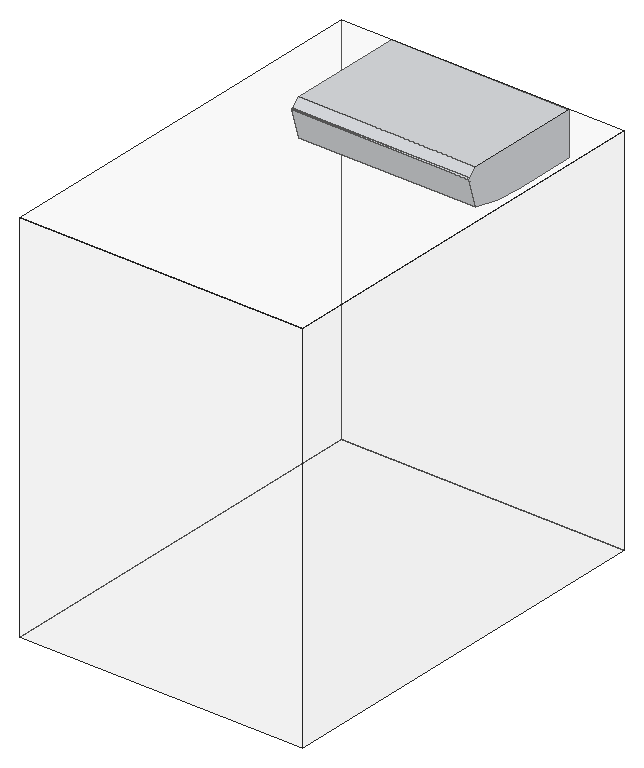
Revit family "pc-rp40_160kal17_60Hz", category 機械設備, Revit 2019
Family settings
  丸型コネクタ寸法 = 直径を使用
  パーツ タイプ = 標準
  OmniClass 番号 = 23.75.10.24.21.27.27
  OmniClass タイトル = Split System Air Conditioning Units
  作業面ベース = いいえ
  常に垂直 = はい
  ロード時にボイドで切り取り = いいえ
  共有 = いいえ
  部屋計算ポイント = はい
Parameters (values of type "天吊_PC-RP40KA17")
  風量（弱）（m3／min） = 9
  風量（中2）（m3／min） = 10
  風量（中1）（m3／min） = 11
  風量（m3／min） = 13
  風量 = MAX風量  # 780.0 m³/h
  音響パワーレベル（弱）(dB) = 48
  音響パワーレベル（中2）(dB) = 50
  音響パワーレベル（中1）(dB) = 53
  音響パワーレベル(dB) = 55
  電源種別 = ""
  電源_H = 0 mm
  電圧_電気ヒーター = 0 V
  電圧 = 200 V
  電動機出力_送風機 = 0.09 kW
  運転質量 = 0.00 kg
  連動 = ""
  質量 = if(製品質量 > 運転質量, 製品質量, 運転質量) * 1.2  # 28.80 kg
  負荷分類 = 3_ファン類
  説明 = "店舗・事務所用パッケージエアコン(Mr.SLIM) [本体] 天吊形室内機"
  設計暖房能力 = 0.00 kW
  設計冷房能力_顕熱 = 0 kW
  設計冷房能力 = 0 kW
  設置方法 = "天井吊形"
  記号 = ""
  製造元 = "三菱電機株式会社"
  製品質量 = 24.00 kg
  製品出荷対象 = "国内"
  製品リリース年月 = "2021年6月30日"
  製品グループ = ""
  背面_液管接続口 = 184 mm
  背面_ドレン管接続口 = 233 mm
  背面_ガス管接続口 = 203 mm
  系統 = ""
  符号 = "ACP-CR"
  積算_科目 = "1 空気調和設備"
  積算_拾い区分 [instance] = ""
  相 = 1
  盤記号 = ""
  発停方法 = "付属スイッチ"
  特殊仕様 = ""
  点検口離隔 [instance] = if(点検口離隔入力値 > 200 mm, 200 mm, if(点検口離隔入力値 < 150 mm, 150 mm, 点検口離隔入力値))  # 150 mm
  点検口離隔入力値 [instance] = 0 mm
  点検口設置範囲 = 0 mm
  点検口 = yes
  火災停止 = ""
  消費電力_電気ヒーター = 0.00 kW
  消費電力_暖房 = 0.00 kW
  消費電力_加湿器 = 0.00 kW
  消費電力_冷房 = 0.05 kW
  消費電力 = if(消費電力_冷房 > 消費電力_暖房, 消費電力_冷房, 消費電力_暖房) + 消費電力_加湿器 + 消費電力_電気ヒーター  # 0.05 kW
  法定耐用年数 = "6"
  極数 = 1
  材質 = ""
  本体マテリアル = none
  有効加湿量 = 0
  暖房能力 = 0.00 kW
  推奨ブレーカー容量 = 0 A
  形式_加湿器 = ""
  形式 = "天井吊（露出）形"
  幹線記号 = ""
  始動方式 = "直入"
  呼称 = "室内機_天井吊(露出)形"
  周波数 = 60 Hz
  吊り位置Y = 320 mm
  吊り位置X = 917 mm
  吊りボルト_H = 50 mm
  台数_手元リモコン = ""
  台数_冷媒分岐ユニット = ""
  参照している仕様書等のバージョン = "公共建築物標準仕様書（機械設備工事編）平成31年度版"
  加湿給水管径 = 0 mm
  分類コード = "50053003221080"
  分類グループ = ""
  冷房能力 = 3.6 kW
  冷媒高低圧ガス管径 = 0 mm
  冷媒管径符号 = "Ac"
  冷媒管径 = 100 mm
  冷媒液管高さ = 126 mm
  冷媒液管径 = 6.35 mm
  冷媒ガス管高さ = 126 mm
  冷媒ガス管径 = 12.7 mm
  価格 = 247000
  企業コード = "108420"
  付属品_フィルター = ""
  付属品 = ""
  仕様書バージョン = "Version1.0"
  モデル = "PC-RP40KA17"
  パネルマテリアル = none
  ドレン管高さ = 190 mm
  ドレン管径 (外径) = 26 mm
  ドレン管径 = 20 mm
  サービススペース = yes
  コメント [instance] = ""
  ケーブル種類1 = ""
  ケーブルサイズ1 = 0 mm
  Width = 960 mm
  Version = ""
  Uniclass2015Version = "Systems v1.9"
  Uniclass2015Title = "Split coil remote air cooled condensing units"
  Uniclass2015Code = "Pr_70_65_03_84"
  URL = "https://www.mitsubishielectric.co.jp/ldg/wink/ssl/displayProduct.do?pid=311504"
  SpecificationReference = ""
  SpecificationDescription = ""
  Revision = ""
  ProductInformation = ""
  OmniClassCode = "23-33 17 13 11"
  MIN風量 = 風量（弱）（m3／min） * 60.0 m³/h  # 540.0 m³/h
  MID風量2 = 風量（中2）（m3／min） * 60.0 m³/h  # 600.0 m³/h
  MID風量 = 風量（中1）（m3／min） * 60.0 m³/h  # 660.0 m³/h
  MAX風量 = 風量（m3／min） * 60.0 m³/h  # 780.0 m³/h
  IfcTypeProduct = ""
  IfcProduct = ""
  IfcExportType = "AIRCONDITIONINGUNIT"
  IfcExportAs = "IfcUnitaryEquipmentType"
  Height_本体 = 230 mm
  Height = Height_本体 + 6 mm  # 236 mm
  Depth = 680 mm
  Clearance Top = 1 mm
  Clearance Right = 300 mm
  Clearance Left = 270 mm
  Clearance Front = 1500 mm
  Clearance Bottom = 1800 mm
  Clearance Back = 0 mm
  Author = "三菱電機株式会社"
Types (21, lengths in mm): name | 風量（弱）（m3／min） | 風量（中2）（m3／min） | 風量（中1）（m3／min） | 風量（m3／min） | 風量 | 音響パワーレベル（弱）(dB) | 音響パワーレベル（中2）(dB) | 音響パワーレベル（中1）(dB) | 音響パワーレベル(dB) | 電動機出力_送風機 | 質量 | 製品質量 | 背面_液管接続口 | 背面_ガス管接続口 | 消費電力_暖房 | 消費電力_冷房 | 消費電力 | 暖房能力 | 吊り位置X | 冷房能力 | 冷媒管径符号 | 冷媒液管径 | 冷媒ガス管径 | 価格 | モデル | Width | URL | MIN風量 | MID風量2 | MID風量 | MAX風量
  (no name) | 9 | 10 | 11 | 13 | 780.0 m³/h | 48 | 50 | 53 | 55 | 0.09 kW | 28.80 kg | 24.00 kg | 184 | 203 | 0.00 kW | 0.05 kW | 0.05 kW | 0.00 kW | 917 | 3.6 kW | "Ac" | 6.35 | 12.7 | 247000 | "PC-RP40KA17" | 960 | "https://www.mitsubishielectric.co.jp/ldg/wink/ssl/displayProduct.do?pid=311504" | 540.0 m³/h | 600.0 m³/h | 660.0 m³/h | 780.0 m³/h
  天吊_PC-RP45KAL17 | 9 | 10 | 11 | 13 | 780.0 m³/h | 48 | 50 | 53 | 55 | 0.09 kW | 28.80 kg | 24.00 kg | 184 | 203 | 0.04 kW | 0.05 kW | 0.05 kW | 4.50 kW | 917 | 4 kW | "Ac" | 6.35 | 12.7 | 267000 | "PC-RP45KAL17" | 960 | "https://www.mitsubishielectric.co.jp/ldg/wink/ssl/displayProduct.do?pid=311472" | 540.0 m³/h | 600.0 m³/h | 660.0 m³/h | 780.0 m³/h
  天吊_PC-RP56KAL17 | 10 | 11 | 12 | 13 | 780.0 m³/h | 48 | 50 | 53 | 55 | 0.09 kW | 30.00 kg | 25.00 kg | 184 | 203 | 0.05 kW | 0.06 kW | 0.06 kW | 5.60 kW | 917 | 5 kW | "Ac" | 6.35 | 12.7 | 286000 | "PC-RP56KAL17" | 960 | "https://www.mitsubishielectric.co.jp/ldg/wink/ssl/displayProduct.do?pid=311474" | 600.0 m³/h | 660.0 m³/h | 720.0 m³/h | 780.0 m³/h
  天吊_PC-RP71KAL17 | 13 | 16 | 18 | 20 | 1200.0 m³/h | 50 | 53 | 55 | 57 | 0.095 kW | 38.40 kg | 32.00 kg | 180 | 200 | 0.09 kW | 0.10 kW | 0.10 kW | 7.00 kW | 1237 | 6.3 kW | "Bd" | 9.5 | 15.9 | 295000 | "PC-RP71KAL17" | 1280 | "https://www.mitsubishielectric.co.jp/ldg/wink/ssl/displayProduct.do?pid=311476" | 780.0 m³/h | 960.0 m³/h | 1080.0 m³/h | 1200.0 m³/h
  天吊_PC-RP80KAL17 | 13 | 16 | 18 | 20 | 1200.0 m³/h | 50 | 53 | 55 | 57 | 0.095 kW | 38.40 kg | 32.00 kg | 180 | 200 | 0.09 kW | 0.10 kW | 0.10 kW | 8.00 kW | 1237 | 7.1 kW | "Bd" | 9.5 | 15.9 | 310000 | "PC-RP80KAL17" | 1280 | "https://www.mitsubishielectric.co.jp/ldg/wink/ssl/displayProduct.do?pid=311477" | 780.0 m³/h | 960.0 m³/h | 1080.0 m³/h | 1200.0 m³/h
  天吊_PC-RP112KAL17 | 20 | 22 | 26 | 29 | 1740.0 m³/h | 54 | 56 | 59 | 62 | 0.16 kW | 45.60 kg | 38.00 kg | 180 | 200 | 0.11 kW | 0.12 kW | 0.12 kW | 11.20 kW | 1557 | 10 kW | "Bd" | 9.5 | 15.9 | 342000 | "PC-RP112KAL17" | 1600 | "https://www.mitsubishielectric.co.jp/ldg/wink/ssl/displayProduct.do?pid=311478" | 1200.0 m³/h | 1320.0 m³/h | 1560.0 m³/h | 1740.0 m³/h
  天吊_PC-RP140KAL17 | 21 | 24 | 27 | 31 | 1860.0 m³/h | 56 | 58 | 61 | 63 | 0.16 kW | 45.60 kg | 38.00 kg | 180 | 200 | 0.13 kW | 0.14 kW | 0.14 kW | 14.00 kW | 1557 | 12.5 kW | "Bd" | 9.5 | 15.9 | 390000 | "PC-RP140KAL17" | 1600 | "https://www.mitsubishielectric.co.jp/ldg/wink/ssl/displayProduct.do?pid=311479" | 1260.0 m³/h | 1440.0 m³/h | 1620.0 m³/h | 1860.0 m³/h
  天吊_PC-RP160KAL17 | 22 | 25 | 28 | 33 | 1980.0 m³/h | 58 | 60 | 62 | 65 | 0.16 kW | 45.60 kg | 38.00 kg | 180 | 200 | 0.16 kW | 0.17 kW | 0.17 kW | 16.00 kW | 1557 | 14 kW | "Bd" | 9.5 | 15.9 | 399000 | "PC-RP160KAL17" | 1600 | "https://www.mitsubishielectric.co.jp/ldg/wink/ssl/displayProduct.do?pid=311480" | 1320.0 m³/h | 1500.0 m³/h | 1680.0 m³/h | 1980.0 m³/h
  天吊_PC-RP63KAL17 | 12 | 14 | 15 | 17 | 1020.0 m³/h | 49 | 51 | 53 | 55 | 0.095 kW | 38.40 kg | 32.00 kg | 184 | 203 | 0.06 kW | 0.07 kW | 0.07 kW | 6.30 kW | 1237 | 5.6 kW | "Ac" | 6.4 | 12.7 | 294000 | "PC-RP63KAL17" | 1280 | "https://www.mitsubishielectric.co.jp/ldg/wink/ssl/displayProduct.do?pid=311475" | 720.0 m³/h | 840.0 m³/h | 900.0 m³/h | 1020.0 m³/h
  天吊_PC-RP40KAL17 | 9 | 10 | 11 | 13 | 780.0 m³/h | 48 | 50 | 53 | 55 | 0.09 kW | 28.80 kg | 24.00 kg | 184 | 203 | 0.04 kW | 0.05 kW | 0.05 kW | 4.00 kW | 917 | 3.6 kW | "Ac" | 6.35 | 12.7 | 258000 | "PC-RP40KAL17" | 960 | "https://www.mitsubishielectric.co.jp/ldg/wink/ssl/displayProduct.do?pid=311471" | 540.0 m³/h | 600.0 m³/h | 660.0 m³/h | 780.0 m³/h
  天吊_PC-RP50KAL17 | 10 | 11 | 12 | 13 | 780.0 m³/h | 48 | 50 | 53 | 55 | 0.09 kW | 30.00 kg | 25.00 kg | 184 | 203 | 0.05 kW | 0.06 kW | 0.06 kW | 5.00 kW | 917 | 4.5 kW | "Ac" | 6.35 | 12.7 | 274000 | "PC-RP50KAL17" | 960 | "https://www.mitsubishielectric.co.jp/ldg/wink/ssl/displayProduct.do?pid=311473" | 600.0 m³/h | 660.0 m³/h | 720.0 m³/h | 780.0 m³/h
  天吊_PC-RP112KA17 | 20 | 22 | 26 | 29 | 1740.0 m³/h | 54 | 56 | 59 | 62 | 0.16 kW | 45.60 kg | 38.00 kg | 180 | 200 | 0.00 kW | 0.12 kW | 0.12 kW | 0.00 kW | 1557 | 10 kW | "Bd" | 9.5 | 15.9 | 331000 | "PC-RP112KA17" | 1600 | "https://www.mitsubishielectric.co.jp/ldg/wink/ssl/displayProduct.do?pid=311468" | 1200.0 m³/h | 1320.0 m³/h | 1560.0 m³/h | 1740.0 m³/h
  天吊_PC-RP140KA17 | 21 | 24 | 27 | 31 | 1860.0 m³/h | 56 | 58 | 61 | 63 | 0.16 kW | 45.60 kg | 38.00 kg | 180 | 200 | 0.00 kW | 0.14 kW | 0.14 kW | 0.00 kW | 1557 | 12.5 kW | "Bd" | 9.5 | 15.9 | 379000 | "PC-RP140KA17" | 1600 | "https://www.mitsubishielectric.co.jp/ldg/wink/ssl/displayProduct.do?pid=311469" | 1260.0 m³/h | 1440.0 m³/h | 1620.0 m³/h | 1860.0 m³/h
  天吊_PC-RP160KA17 | 22 | 25 | 28 | 33 | 1980.0 m³/h | 58 | 60 | 62 | 65 | 0.16 kW | 45.60 kg | 38.00 kg | 180 | 200 | 0.00 kW | 0.17 kW | 0.17 kW | 0.00 kW | 1557 | 14 kW | "Bd" | 9.5 | 15.9 | 388000 | "PC-RP160KA17" | 1600 | "https://www.mitsubishielectric.co.jp/ldg/wink/ssl/displayProduct.do?pid=311470" | 1320.0 m³/h | 1500.0 m³/h | 1680.0 m³/h | 1980.0 m³/h
  天吊_PC-RP40KA17 | 9 | 10 | 11 | 13 | 780.0 m³/h | 48 | 50 | 53 | 55 | 0.09 kW | 28.80 kg | 24.00 kg | 184 | 203 | 0.00 kW | 0.05 kW | 0.05 kW | 0.00 kW | 917 | 3.6 kW | "Ac" | 6.35 | 12.7 | 247000 | "PC-RP40KA17" | 960 | "https://www.mitsubishielectric.co.jp/ldg/wink/ssl/displayProduct.do?pid=311504" | 540.0 m³/h | 600.0 m³/h | 660.0 m³/h | 780.0 m³/h
  天吊_PC-RP45KA17 | 9 | 10 | 11 | 13 | 780.0 m³/h | 48 | 50 | 53 | 55 | 0.09 kW | 28.80 kg | 24.00 kg | 184 | 203 | 0.00 kW | 0.05 kW | 0.05 kW | 0.00 kW | 917 | 4 kW | "Ac" | 6.35 | 12.7 | 256000 | "PC-RP45KA17" | 960 | "https://www.mitsubishielectric.co.jp/ldg/wink/ssl/displayProduct.do?pid=311505" | 540.0 m³/h | 600.0 m³/h | 660.0 m³/h | 780.0 m³/h
  天吊_PC-RP50KA17 | 10 | 11 | 12 | 13 | 780.0 m³/h | 48 | 50 | 53 | 55 | 0.09 kW | 30.00 kg | 25.00 kg | 184 | 203 | 0.00 kW | 0.06 kW | 0.06 kW | 0.00 kW | 917 | 4.5 kW | "Ac" | 6.35 | 12.7 | 263000 | "PC-RP50KA17" | 960 | "https://www.mitsubishielectric.co.jp/ldg/wink/ssl/displayProduct.do?pid=311506" | 600.0 m³/h | 660.0 m³/h | 720.0 m³/h | 780.0 m³/h
  天吊_PC-RP56KA17 | 10 | 11 | 12 | 13 | 780.0 m³/h | 48 | 50 | 53 | 55 | 0.09 kW | 30.00 kg | 25.00 kg | 184 | 203 | 0.00 kW | 0.06 kW | 0.06 kW | 0.00 kW | 917 | 5 kW | "Ac" | 6.35 | 12.7 | 275000 | "PC-RP56KA17" | 960 | "https://www.mitsubishielectric.co.jp/ldg/wink/ssl/displayProduct.do?pid=311507" | 600.0 m³/h | 660.0 m³/h | 720.0 m³/h | 780.0 m³/h
  天吊_PC-RP63KA17 | 12 | 14 | 15 | 17 | 1020.0 m³/h | 49 | 51 | 53 | 55 | 0.095 kW | 38.40 kg | 32.00 kg | 184 | 203 | 0.00 kW | 0.07 kW | 0.07 kW | 0.00 kW | 1237 | 5.6 kW | "Ac" | 6.4 | 12.7 | 283000 | "PC-RP63KA17" | 1280 | "https://www.mitsubishielectric.co.jp/ldg/wink/ssl/displayProduct.do?pid=311380" | 720.0 m³/h | 840.0 m³/h | 900.0 m³/h | 1020.0 m³/h
  天吊_PC-RP71KA17 | 13 | 16 | 18 | 20 | 1200.0 m³/h | 50 | 53 | 55 | 57 | 0.095 kW | 38.40 kg | 32.00 kg | 180 | 200 | 0.00 kW | 0.10 kW | 0.10 kW | 0.00 kW | 1237 | 6.3 kW | "Bd" | 9.5 | 15.9 | 284000 | "PC-RP71KA17" | 1280 | "https://www.mitsubishielectric.co.jp/ldg/wink/ssl/displayProduct.do?pid=311466" | 780.0 m³/h | 960.0 m³/h | 1080.0 m³/h | 1200.0 m³/h
  天吊_PC-RP80KA17 | 13 | 16 | 18 | 20 | 1200.0 m³/h | 50 | 53 | 55 | 57 | 0.095 kW | 38.40 kg | 32.00 kg | 180 | 200 | 0.00 kW | 0.10 kW | 0.10 kW | 0.00 kW | 1237 | 7.1 kW | "Bd" | 9.5 | 15.9 | 299000 | "PC-RP80KA17" | 1280 | "https://www.mitsubishielectric.co.jp/ldg/wink/ssl/displayProduct.do?pid=311467" | 780.0 m³/h | 960.0 m³/h | 1080.0 m³/h | 1200.0 m³/h
Reference planes
  plane 1 "中心(正面/背面)": y = 0
  plane 2: z = 0
  plane 3 "中心(左/右)": x = 0
  plane 4: z = 236
  plane 5: y = 260
  plane 6: y = -60
  plane 7: y = 340
  plane 8: y = -340
  plane 9: x = -480
  plane 10: x = 480
  plane 11: x = -750
  plane 12: x = 780
  plane 13 "back": y = 340
  plane 14: y = -1840
  plane 15: z = 237
  plane 16: z = -1800
  plane 17: x = 394
  plane 18: x = 309
  plane 19: z = 110
  plane 20 "液管": y = 156
  plane 21: y = 340
  plane 22 "ガス管": y = 137
  plane 23 "ドレン管": y = 107
  plane 24: x = 342
  plane 25: z = 46
  plane 26: x = -405
  plane 27: x = 351.5
Forms (mm)
  Extrusion 1, solid, detail levels fine
    sketch origin (0, 156, 0) x (0, 0, -1) y (1, 0, 0)
      loop
        circle (-110, 309) r 3.175
    from 0 to 100
  Extrusion 2, solid, detail levels fine
    sketch origin (0, 137, 0) x (0, 0, -1) y (1, 0, 0)
      loop
        circle (-110, 394) r 6.35
    from 0 to 100
  Extrusion 3, solid, detail levels fine
    sketch origin (0, 107, 0) x (0, 0, -1) y (1, 0, 0)
      loop
        circle (-46, 342) r 13
    from 0 to 100
  Extrusion 4, solid, detail levels fine
    sketch origin (0, 107, 0) x (0, 0, -1) y (1, 0, 0)
      loop
        circle (-46, -405) r 13
    from 0 to 100
  Extrusion 5, solid, detail levels fine
    sketch origin (0, 137, 0) x (0, 0, -1) y (1, 0, 0)
      loop
        circle (-110, 351.5) r 50
    from 0 to 120
Dimensions and locks
  "吊り位置Y": plane 6 to plane 5
  equal spacing: plane 8, plane 1 "中心(正面/背面)", plane 7
  "Depth": plane 8 to plane 7
  equal spacing: plane 9, plane 3 "中心(左/右)", plane 10
  "Width": plane 9 to plane 10
  "Clearance Back": plane 7 to plane 13 "back"
  "Clearance Front": plane 14 to plane 8
  "Clearance Right": plane 10 to plane 12
  "Clearance Left": plane 11 to plane 9
  "Height": plane 4 to level
  locked: plane 5 to plane 7 at 80
  "Clearance Bottom": level to plane 16
  "Clearance Top": plane 15 to plane 4
  plane 10 to plane 9 = 960 mm
  "背面_液管接続口": plane 20 "液管" to plane 21
  "背面_ガス管接続口": plane 22 "ガス管" to plane 21
  "背面_ドレン管接続口": plane 23 "ドレン管" to plane 21
  "冷媒ガス管高さ": plane 4 to plane 19
  "ドレン管高さ": plane 4 to plane 25
  plane 17 to plane 27 to plane 18 = 42.5 mm, 42.5 mm
  locked: plane 10 to plane 17 at 86
  locked: plane 17 to plane 18 at 85
  locked: plane 10 to plane 24 at 138
  locked: plane 26 to plane 9 at 75
  diameter of Extrusion 2 = 12.7 mm
  diameter of Extrusion 1 = 6.35 mm
  "ドレン管径 (外径)": diameter of Extrusion 3
  "ドレン管径 (外径)": diameter of Extrusion 4
  aligned and locked: level to plane 2
  aligned and locked: nested 2 to plane 5
  aligned and locked: plane 6 to nested 2
  aligned and locked: nested 1 to plane 11
  aligned and locked: nested 1 to plane 12
  aligned and locked: plane 14 to nested 1
  aligned and locked: plane 13 "back" to nested 1
  aligned and locked: plane 15 to nested 1
  aligned and locked: plane 1 "中心(正面/背面)" to nested 3
  aligned and locked: plane 3 "中心(左/右)" to nested 3
  aligned and locked: plane 16 to nested 1
  aligned and locked: Extrusion 1 to plane 20 "液管"
  aligned and locked: Extrusion 2 to plane 22 "ガス管"
  aligned and locked: Extrusion 3 to plane 23 "ドレン管"
  aligned and locked: Extrusion 4 to plane 23 "ドレン管"
Automatic sketch dimensions
  Extrusion 1 sketch curve to plane 18 = 0 mm
  Extrusion 1 sketch curve to plane 19 = 0 mm
  Extrusion 2 sketch curve to plane 17 = 0 mm
  Extrusion 2 sketch curve to plane 19 = 0 mm
  Extrusion 3 sketch curve to plane 24 = 0 mm
  Extrusion 3 sketch curve to plane 25 = 0 mm
  Extrusion 4 sketch curve to plane 25 = 0 mm
  Extrusion 4 sketch curve to plane 26 = 0 mm
  Extrusion 5 sketch curve to plane 19 = 0 mm
  Extrusion 5 sketch curve to plane 27 = 0 mm
  radius of Extrusion 1 sketch curve = 3.175 mm
  radius of Extrusion 2 sketch curve = 6.35 mm
  radius of Extrusion 3 sketch curve = 13 mm
  radius of Extrusion 4 sketch curve = 13 mm
  radius of Extrusion 5 sketch curve = 50 mm
Nested families
  nested 1: "サービススペース" at (15, -750, -781.5), visible <- "サービススペース", type "サービススペース"
    with Width 1530 mm, Height 2037 mm, Depth 2180 mm
  nested 2: "固定点" at (-458.5, -60, 0), type "固定点"
    with W 917 mm, D 320 mm
  nested 3: "PCFY-P-KMG" at (0, 0, 0), type "PCFY-P-KMG", detail levels fine
Connectors
  electrical at (196, 339, 206), driven by "極数", driven by "負荷分類", driven by "電圧", driven by "消費電力"
    settings: on nested 3, index 1, voltage 200 V, apparent load 50 VA, apparent load phase1 0 VA, apparent load phase2 0 VA, apparent load phase3 0 VA, power factor 1, load classification "3_ファン類", number of poles 1, system type 30, power factor state 1, is connector primary yes, connector utility no, sub classification motor no, connector description ""
  piping at (351.5, 137, 110), diameter 100, driven by "冷媒管径"
    settings: on Extrusion 5, index 2, connector inside diameter 609.6 mm, connector length 0 mm, flow factor 0, pipe flow 0.0 L/s, pressure drop 0.0 Pa, fitting loss kfactor 0, connector angle 0.00°, fixture units 0, engagement length 0 mm, angle of deflection 0.00°, flow configuration 1, flow direction 1, fitting loss method 4, system type 7, joint type 0, gender type 0, connector reference index -1, connector utility 0, adjustable connector no, is connector primary yes, connector description "冷媒管"
  piping at (342, 107, 46), diameter 20, driven by "ドレン管径"
    settings: on Extrusion 3, index 3, connector inside diameter 609.6 mm, connector length 0 mm, flow factor 0, pipe flow 0.0 L/s, pressure drop 0.0 Pa, fitting loss kfactor 0, connector angle 0.00°, fixture units 0, engagement length 0 mm, angle of deflection 0.00°, flow configuration 1, flow direction 2, fitting loss method 0, system type 16, joint type 0, gender type 0, connector reference index -1, connector utility 0, adjustable connector no, is connector primary no, connector description "ドレン管1"
  piping at (-405, 107, 46), diameter 20, driven by "ドレン管径"
    settings: on Extrusion 4, index 4, connector inside diameter 609.6 mm, connector length 0 mm, flow factor 0, pipe flow 0.0 L/s, pressure drop 0.0 Pa, fitting loss kfactor 0, connector angle 0.00°, fixture units 0, engagement length 0 mm, angle of deflection 0.00°, flow configuration 1, flow direction 2, fitting loss method 0, system type 16, joint type 0, gender type 0, connector reference index -1, connector utility 0, adjustable connector no, is connector primary no, connector description "ドレン管2"
Definition of nested family "サービススペース"
  Parameters (values of type "サービススペース")
    Width [instance] = 500 mm
    Height [instance] = 500 mm
    Depth [instance] = 500 mm
  Reference planes
    plane 1 "中心(正面/背面)": y = 0
    plane 2: z = 0
    plane 3 "中心(左/右)": x = 0
    plane 4: y = -250
    plane 5: x = 250
    plane 6: y = 250
    plane 7: x = -250
    plane 8: z = 250
    plane 9: z = -250
  Forms (mm)
    Extrusion 1, solid
      sketch origin (-638.939, 0, 72.39) x (1, 0, 0) y (0, 1, 0)
        loop
          line (388.939, 250) -> (388.939, -250) -> (888.939, -250) -> (888.939, 250) -> (388.939, 250)
      from -322.39 to 177.61
  Lines and regions (mm)
    symbolic lines
      curve 1: line (-250, 0, 250) -> (250, 0, 250)
      curve 2: line (-250, 0, -250) -> (-250, 0, 250)
      curve 3: line (250, 0, -250) -> (-250, 0, -250)
      curve 4: line (250, 0, 250) -> (250, 0, -250)
      curve 5: line (0, -250, 250) -> (0, 250, 250)
      curve 6: line (0, -250, -250) -> (0, -250, 250)
      curve 7: line (0, 250, -250) -> (0, -250, -250)
      curve 8: line (0, 250, 250) -> (0, 250, -250)
      curve 9: line (-250, 250, 0) -> (250, 250, 0)
      curve 10: line (-250, -250, 0) -> (-250, 250, 0)
      curve 11: line (250, -250, 0) -> (-250, -250, 0)
      curve 12: line (250, 250, 0) -> (250, -250, 0)
  Dimensions and locks
    equal spacing: plane 7, plane 3 "中心(左/右)", plane 5
    equal spacing: plane 4, plane 1 "中心(正面/背面)", plane 6
    "Depth": plane 4 to plane 6
    "Width": plane 7 to plane 5
    equal spacing: plane 8, plane 2, plane 9
    "Height": plane 8 to plane 9
    aligned and locked: plane 9 to curve 3
    aligned and locked: plane 7 to curve 2
    aligned and locked: curve 4 to plane 5
    aligned and locked: plane 5 to Extrusion 1
    aligned and locked: Extrusion 1 to plane 7
    aligned and locked: Extrusion 1 to plane 9
    aligned and locked: plane 8 to Extrusion 1
    aligned and locked: plane 9 to curve 7
  Automatic sketch dimensions
    plane 4 to Extrusion 1 sketch curve = 0 mm
    Extrusion 1 sketch curve to plane 7 = 0 mm
    Extrusion 1 sketch curve to plane 5 = 0 mm
    plane 6 to Extrusion 1 sketch curve = 0 mm
    curve 2 to plane 8 = 0 mm
    plane 4 to curve 11 = 0 mm
    curve 11 to plane 7 = 0 mm
    curve 11 to plane 5 = 0 mm
    plane 6 to curve 10 = 0 mm
    curve 7 to plane 4 = 0 mm
    curve 7 to plane 6 = 0 mm
    curve 6 to plane 8 = 0 mm
Definition of nested family "PCFY-P-KMG"
  Parameters (values of type "PCFY-P-KMG")
    配線取出口サイズ = 22 mm
    配線取出口-Z = 0 mm
    配線取出口-Y = 0 mm
    配線取出口-X = 0 mm
    液配管サイズ = 100 mm
    高さ = 236 mm
    奥行き = 680 mm
    吊りボルト_H = 50 mm
    冷媒配管サイズ = 6.35 mm
    冷媒液管径-Z = 0 mm
    冷媒液管径-Y = 0 mm
    冷媒液管径-X = 0 mm
    冷媒ガス管径-Z = 0 mm
    冷媒ガス管径-Y = 0 mm
    冷媒ガス管径-X = 0 mm
    吊りボルト-W = 917 mm
    マテリアル = none
    ドレン配管サイズ = 26 mm
    ドレン管径-Z = 0 mm
    ドレン管径-Y = 0 mm
    ドレン管径-X = 0 mm
    ガス配管サイズ = 12.7 mm
    吊りボルト-D = 320 mm
    幅さ = 960 mm
  Reference planes
    plane 1 "中心(正面/背面)": y = 0
    plane 2: z = 0
    plane 3 "中心(左/右)": x = 0
    plane 4: z = 236
    plane 5: x = -480
    plane 6: x = 480
    plane 7: y = 340
    plane 8: y = -340
    plane 9: y = -289
    plane 10: y = -330
    plane 11: y = -335
    plane 12: z = 84
    plane 13: z = 172
    plane 14: z = 195
    plane 15: z = 200
    plane 16: z = 40
    plane 17: x = -426.5
    plane 18: x = 426.5
    plane 19: y = -136
    plane 20: y = -193
    plane 21: y = 86
    plane 22: z = 110
    plane 23: x = -469
    plane 24: y = 156
    plane 25: y = 137
    plane 26: y = 94
    plane 27: x = -158
    plane 28: z = 206
    plane 29: x = 196
    plane 30: x = 158
    plane 31: y = 140
  Forms (mm)
    Extrusion 1, solid, material <- "マテリアル"
      sketch origin (480, 1296.25, 1200) x (0, 1, 0) y (0, 0, 1)
        loop
          line (-1585.25, -964) -> (-1626.25, -1000) -> (-1631.25, -1000) -> (-1636.25, -1005) -> (-1585.25, -1160)
          arc (-1585.25, -1160) -> (-1442.128, -1189.953) -> (-1296.25, -1200) r 1064.013
          line (-1296.25, -1200) -> (-956.25, -1200) -> (-956.25, -964) -> (-1585.25, -964)
      from -960 to 0
    Extrusion 2, solid, material <- "マテリアル"
      sketch origin (674, 0, 0) x (1, 0, 0) y (0, 0, 1)
        loop
          circle (-478, 206) r 11
      from -339 to -340
    Extrusion 3, solid, material <- "マテリアル"
      sketch origin (636, 0, 0) x (1, 0, 0) y (0, 0, 1)
        loop
          circle (-478, 206) r 11
      from -339 to -340
    Extrusion 4, solid, material <- "マテリアル"
      sketch origin (674, 0, -169) x (1, 0, 0) y (0, 0, 1)
        loop
          circle (-478, 206) r 11
      from -339 to -340
    Extrusion 5, solid, material <- "マテリアル"
      sketch origin (636, 0, -169) x (1, 0, 0) y (0, 0, 1)
        loop
          circle (-478, 206) r 11
      from -339 to -340
  Lines and regions (mm)
    model lines
      curve 1: line (426.5, -303.59, 84.341) -> (426.5, -332.355, 171.766)
      curve 2: line (426.5, -332.355, 171.766) -> (-426.5, -332.355, 171.766)
      curve 3: line (-426.5, -303.59, 84.341) -> (426.5, -303.59, 84.341)
      curve 4: line (-426.5, -332.355, 171.766) -> (-426.5, -303.59, 84.341)
      curve 5: line (-426.5, 310, 0) -> (-426.5, 86, 0)
      curve 6: line (426.5, 310, 0) -> (426.5, 86, 0)
      curve 7: line (426.5, 310, 0) -> (-426.5, 310, 0)
      curve 8: line (426.5, 86, 0) -> (-426.5, 86, 0)
      curve 9: line (426.5, 294, 0) -> (-426.5, 294, 0)
      curve 10: line (426.5, 278, 0) -> (-426.5, 278, 0)
      curve 11: line (426.5, 262, 0) -> (-426.5, 262, 0)
      curve 12: line (426.5, 246, 0) -> (-426.5, 246, 0)
      curve 13: line (426.5, 230, 0) -> (-426.5, 230, 0)
      curve 14: line (426.5, 214, 0) -> (-426.5, 214, 0)
      curve 15: line (426.5, 198, 0) -> (-426.5, 198, 0)
      curve 16: line (426.5, 182, 0) -> (-426.5, 182, 0)
      curve 17: line (426.5, 166, 0) -> (-426.5, 166, 0)
      curve 18: line (426.5, 150, 0) -> (-426.5, 150, 0)
      curve 19: line (426.5, 134, 0) -> (-426.5, 134, 0)
      curve 20: line (426.5, 118, 0) -> (-426.5, 118, 0)
      curve 21: line (426.5, 102, 0) -> (-426.5, 102, 0)
  Dimensions and locks
    equal spacing: plane 8, plane 1 "中心(正面/背面)", plane 7
    "奥行き": plane 8 to plane 7
    equal spacing: plane 5, plane 3 "中心(左/右)", plane 6
    "幅さ": plane 5 to plane 6
    "高さ": plane 4 to level
    locked: plane 8 to plane 11 at 5
    locked: plane 8 to plane 10 at 10
    locked: plane 8 to plane 9 at 51
    locked: plane 12 to level at 84
    locked: plane 14 to level at 195
    locked: plane 15 to level at 200
    locked: plane 16 to level at 40
    plane 17 to plane 18 = 853 mm
    locked: plane 5 to plane 17 at 53.5
    locked: plane 18 to plane 6 at 53.5
    locked: plane 13 to plane 12 at 88
    locked: plane 20 to plane 19 at 57
    locked: plane 19 to plane 7 at 476
    locked: plane 21 to plane 7 at 254
    locked: plane 4 to plane 22 at 126
    locked: plane 26 to plane 7 at 246
    locked: plane 24 to plane 7 at 184
    locked: plane 25 to plane 7 at 203
    locked: plane 5 to plane 27 at 322
    locked: plane 4 to plane 28 at 30
    plane 6 to plane 29 = 284 mm
    plane 29 to plane 30 = 38 mm
    "配線取出口サイズ": diameter of Extrusion 2 sketch curve
    "配線取出口サイズ": diameter of Extrusion 3 sketch curve
    "配線取出口サイズ": diameter of Extrusion 4 sketch curve
    "配線取出口サイズ": diameter of Extrusion 5 sketch curve
    aligned and locked: level to plane 2
    aligned and locked: Extrusion 1 sketch curve to plane 4
    aligned and locked: Extrusion 1 sketch curve to plane 7
    aligned and locked: Extrusion 1 sketch curve to level
    aligned and locked: plane 15 to Extrusion 1 sketch curve
    aligned and locked: plane 14 to Extrusion 1 sketch curve
    aligned and locked: plane 16 to Extrusion 1 sketch curve
    aligned and locked: Extrusion 1 to plane 5
    aligned and locked: plane 6 to Extrusion 1
    aligned and locked: curve 4 to plane 17
    aligned and locked: plane 18 to curve 1
    aligned and locked: curve 5 to plane 17
    aligned and locked: curve 6 to plane 18
    aligned and locked: curve 8 to plane 21
    aligned and locked: plane 28 to Extrusion 2 sketch curve
    aligned and locked: plane 7 to Extrusion 2
  Automatic sketch dimensions
    plane 7 to curve 7 = 30 mm
    curve 21 to plane 26 = 8 mm
    curve 21 to curve 20 = 16 mm
    plane 25 to curve 19 = 3 mm
    plane 24 to curve 18 = 6 mm
    curve 17 to plane 24 = 10 mm
    curve 17 to curve 16 = 16 mm
    curve 16 to curve 15 = 16 mm
    curve 15 to curve 14 = 16 mm
    curve 14 to curve 13 = 16 mm
    curve 13 to curve 12 = 16 mm
    curve 12 to curve 11 = 16 mm
    curve 11 to curve 10 = 16 mm
    curve 10 to curve 9 = 16 mm
    Extrusion 1 sketch curve to plane 8 = 0 mm
    Extrusion 1 sketch curve to plane 11 = 0 mm
    Extrusion 1 sketch curve to plane 10 = 0 mm
    Extrusion 1 sketch curve to plane 9 = 0 mm  (x2)
    Extrusion 1 sketch curve to plane 1 "中心(正面/背面)" = 0 mm
    Extrusion 1 to curve 1 = 24.459 mm
    curve 3 to Extrusion 1 = 46.68 mm
    Extrusion 1 to curve 4 = 53.5 mm
    Extrusion 1 to curve 3 = 53.5 mm
    Extrusion 2 sketch curve to plane 29 = 0 mm
    Extrusion 3 sketch curve to plane 28 = 0 mm
    Extrusion 3 sketch curve to plane 30 = 0 mm
    Extrusion 4 sketch curve to plane 29 = 0 mm
    Extrusion 4 sketch curve to plane 16 = 3 mm
    Extrusion 5 sketch curve to plane 30 = 0 mm
    Extrusion 5 sketch curve to plane 16 = 3 mm
Definition of nested family "固定点"
  Parameters (values of type "固定点")
    中心円 = 20 mm
    W [instance] = 1000 mm
    D [instance] = 1000 mm
  Reference planes
    plane 1 "中心(正面/背面)": y = 0
    plane 2: z = 0
    plane 3 "中心(左/右)": x = 0
    plane 4: x = 1000
    plane 5: y = 1000
  Lines and regions (mm)
    symbolic lines, detail levels fine
      curve 1: circle (0, 1000, 0) r 10 normal (0, 0, 1)
      curve 2: circle (0, 0, 0) r 10 normal (0, 0, 1)
      curve 3: circle (1000, 1000, 0) r 10 normal (0, 0, 1)
      curve 4: circle (1000, 0, 0) r 10 normal (0, 0, 1)
      curve 5: line (-200, 1000, 0) -> (1200, 1000, 0)
      curve 6: line (-200, 0, 0) -> (1200, 0, 0)
      curve 7: line (0, 1200, 0) -> (0, -200, 0)
      curve 8: line (1000, 1200, 0) -> (1000, -200, 0)
  Dimensions and locks
    "W": plane 3 "中心(左/右)" to plane 4
    "D": plane 1 "中心(正面/背面)" to plane 5
    "中心円": diameter of curve 1
    "中心円": diameter of curve 2
    "中心円": diameter of curve 3
    "中心円": diameter of curve 4
    aligned and locked: level to plane 2
    aligned and locked: plane 5 to curve 1
    aligned and locked: plane 3 "中心(左/右)" to curve 1
    aligned and locked: plane 3 "中心(左/右)" to curve 2
    aligned and locked: plane 1 "中心(正面/背面)" to curve 2
    aligned and locked: plane 4 to curve 3
    aligned and locked: plane 5 to curve 3
    aligned and locked: plane 1 "中心(正面/背面)" to curve 4
    aligned and locked: plane 4 to curve 4
    aligned and locked: plane 1 "中心(正面/背面)" to curve 6
    aligned and locked: curve 7 to plane 3 "中心(左/右)"
    aligned and locked: curve 8 to plane 4
  Automatic sketch dimensions
    curve 5 to plane 5 = 0 mm
    curve 6 to plane 3 "中心(左/右)" = 200 mm
    curve 5 to plane 3 "中心(左/右)" = 200 mm
    curve 4 to curve 6 = 200 mm
    curve 3 to curve 5 = 200 mm
    plane 1 "中心(正面/背面)" to curve 8 = 200 mm
    plane 1 "中心(正面/背面)" to curve 7 = 200 mm
    curve 3 to curve 8 = 200 mm
    curve 1 to curve 7 = 200 mm
